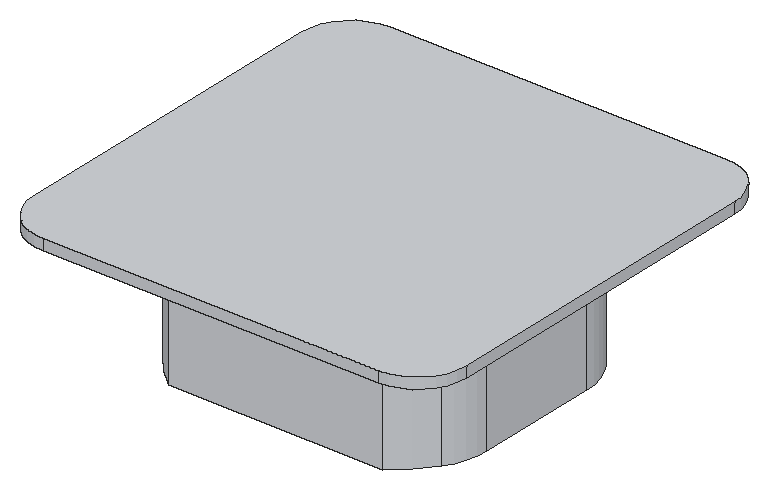
Revit family "Gira_093700", category Electrical Fixtures, host Face, Revit 2017
Family settings
  Host = Face
  Maintain Annotation Orientation = Yes
  Round Connector Dimension = Use Diameter
  Part Type = Normal
  Cut with Voids When Loaded = No
  Shared = No
  Room Calculation Point = No
Parameters (values of type "Antennensteckd. FS 302 F Einsatz")
  URL = "http://katalog.gira.de/de_DE/datenblatt.html?artikelnr=093700"
  Region = "DE"
  Name = "Antennensteckd. FS 302 F Einsatz"
  Manufacturer URL = "https://www.gira.de/"
  Keynote = "Einsatz_1fach"
  Kabelmodemtauglich = "No"
  HeinzeBIM = "https://bimportal.heinze.de/bim/antennensteckd-fs-302-f-einsatz/10274edee7a57498459eafbf75a704cc870e7813"
  HAN = "093700"
  GTIN = "4010337937005"
  Fernspeisetauglich = "No"
  Default Elevation = 1219.2 mm
  Data sheet (1) = "https://katalog.gira.de/de_DE/download.html?artikelnr=093700"
  Category = "Antennensteckdose"
  Available = "Yes"
  Ausführung = "Durchgangsdose"
  Anzahl der Auslässe = "3 "
  Anschlussdämpfung bei 860 MHz = "0,15 B"
  Anschlussdämpfung bei 2150 MHz = "0,2 B"
Reference planes
  plane 1 "Center (Front/Back)": y = 0
  plane 2: z = 0
  plane 3 "Center (Left/Right)": x = 0
Forms (mm)
  Extrusion 1, solid, detail levels fine
    sketch origin (0, 0, 0) x (1, 0, 0) y (0, 1, 0)
      loop
        line (27.475, 35.475) -> (-27.475, 35.475)
        arc (-27.475, 35.475) -> (-33.132, 33.132) -> (-35.475, 27.475) r 8
        line (-35.475, 27.475) -> (-35.475, -27.475)
        arc (-35.475, -27.475) -> (-33.132, -33.132) -> (-27.475, -35.475) r 8
        line (-27.475, -35.475) -> (27.475, -35.475)
        arc (27.475, -35.475) -> (33.132, -33.132) -> (35.475, -27.475) r 8
        line (35.475, -27.475) -> (35.475, 27.475)
        arc (35.475, 27.475) -> (33.132, 33.132) -> (27.475, 35.475) r 8
    from 0 to 1.8
  Extrusion 2, solid, detail levels fine
    sketch origin (0, 0, 0) x (1, 0, 0) y (0, 1, 0)
      loop
        line (9.678, 25.4) -> (-9.678, 25.4)
        arc (-9.678, 25.4) -> (-12.885, 24.922) -> (-15.814, 23.53) r 11
        arc (-15.814, 23.53) -> (-17.795, 22.07) -> (-19.641, 20.444) r 28.35
        arc (-19.641, 20.444) -> (-21.339, 18.665) -> (-22.876, 16.745) r 28.35
        arc (-22.876, 16.745) -> (-24.456, 13.666) -> (-25, 10.248) r 11
        line (-25, 10.248) -> (-25, -10.248)
        arc (-25, -10.248) -> (-24.456, -13.666) -> (-22.876, -16.745) r 11
        arc (-22.876, -16.745) -> (-20.409, -19.677) -> (-17.569, -22.25) r 28.35
        line (-17.569, -22.25) -> (17.569, -22.25)
        arc (17.569, -22.25) -> (20.409, -19.677) -> (22.876, -16.745) r 28.35
        arc (22.876, -16.745) -> (24.456, -13.666) -> (25, -10.248) r 11
        line (25, -10.248) -> (25, 10.248)
        arc (25, 10.248) -> (24.456, 13.666) -> (22.876, 16.745) r 11
        arc (22.876, 16.745) -> (21.593, 18.37) -> (20.195, 19.897) r 28.35
        arc (20.195, 19.897) -> (18.096, 21.823) -> (15.814, 23.53) r 28.35
        arc (15.814, 23.53) -> (12.885, 24.922) -> (9.678, 25.4) r 11
    from -22 to 0
  Extrusion 3, solid, detail levels medium
    sketch origin (0, 0, 0) x (1, 0, 0) y (0, 1, 0)
      loop
        line (-25, 25.4) -> (-25, -22.25) -> (25, -22.25) -> (25, 25.4) -> (-25, 25.4)
    from -22 to 0
  Extrusion 4, solid, detail levels coarse
    sketch origin (0, 0, 0) x (1, 0, 0) y (0, 1, 0)
      loop
        line (35.475, 35.475) -> (-35.475, 35.475) -> (-35.475, -35.475) -> (35.475, -35.475) -> (35.475, 35.475)
    from -22 to 1.8
  Extrusion 5, solid, detail levels medium
    sketch origin (0, 0, 0) x (1, 0, 0) y (0, 1, 0)
      loop
        line (35.475, 35.475) -> (-35.475, 35.475) -> (-35.475, -35.475) -> (35.475, -35.475) -> (35.475, 35.475)
    from 0 to 1.8
Dimensions and locks
  aligned and locked: plane 2 to host face
  aligned and locked: level to host face
  aligned and locked: plane 3 "Center (Left/Right)" to nested 1
  aligned and locked: plane 1 "Center (Front/Back)" to nested 1
Nested families
  nested 1: "RJ45-Datendose Beschriftung" at (0, 0, 0), type "RJ45-Datendose Beschriftung"
Connectors
  electrical at (0, 0, -22)
    settings: on Extrusion 4, index 1, voltage 220 V, apparent load 0 VA, apparent load phase1 0 VA, apparent load phase2 0 VA, apparent load phase3 0 VA, power factor 1, load classification "Other", number of poles 1, system type 30, power factor state 1, is connector primary yes, connector utility no, sub classification motor no, connector description ""
Definition of nested family "RJ45-Datendose Beschriftung"
  Reference planes
    plane 1: y = 0
    plane 2: x = 0
  Lines and regions (mm)
    Filled region 1, type "Gefüllter Bereich 1"
      outline origin (0, 0, 0) x (1, 0, 0) y (0, 1, 0)
        loop
          circle (0, 2.4) r 0.4
    detail lines
      curve 1: line (0, 0, 0) -> (0, 2, 0)
      curve 2: line (0, 2, 0) -> (1.2, 2, 0)
      curve 3: line (1.2, 2, 0) -> (1.2, 3.6, 0)
      curve 4: circle (0, 2.4, 0) r 0.4 normal (0, 0, 1)
      curve 5: line (0, 2, 0) -> (-1.2, 2, 0)
      curve 6: line (-1.2, 2, 0) -> (-1.2, 3.6, 0)
